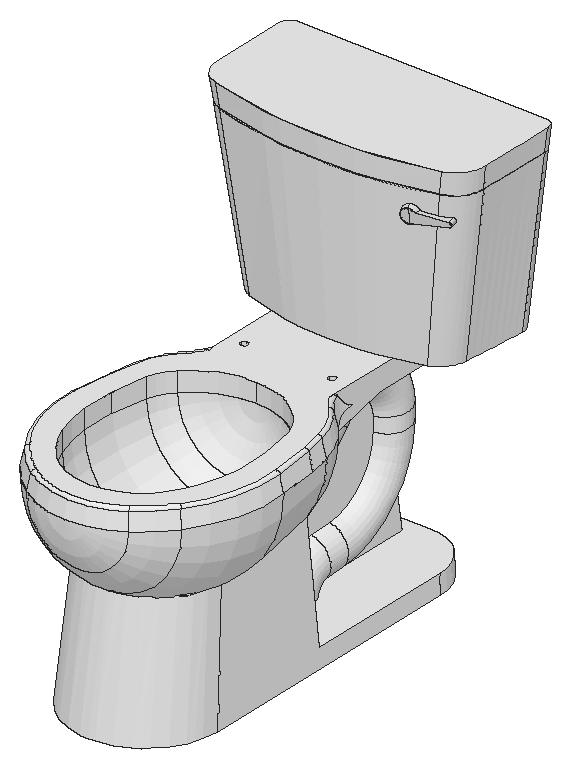
Revit family "Plumbing-Pressure-Assist-Water-Closet-Sloan-Valve-WETS-80098118z", category Plumbing Fixtures, host Face, Revit 2021 (continued)
Automatic sketch dimensions
  Extrusion 14 sketch curve to Extrusion 14 sketch curve = 1.66402"
  Extrusion 14 sketch curve to Extrusion 14 sketch curve = 3.26432"
  Extrusion 14 sketch curve to Extrusion 14 sketch curve = 13.39952"
  Extrusion 14 sketch curve to Extrusion 14 sketch curve = 2.22418"  (x2)
  Extrusion 14 sketch curve to Extrusion 14 sketch curve = 0.38996"  (x2)
  Extrusion 14 sketch curve to Extrusion 14 sketch curve = 3.913"
  Extrusion 14 sketch curve to Extrusion 14 sketch curve = 3.98247"
  Extrusion 14 sketch curve to Extrusion 14 sketch curve = 0.39147"  (x2)
  Extrusion 14 sketch curve to Extrusion 14 sketch curve = 2.49844"
  Extrusion 14 sketch curve to Extrusion 14 sketch curve = 4.55398"
  Extrusion 14 sketch curve to Extrusion 14 sketch curve = 0.28975"  (x2)
  plane 7 to Extrusion 15 sketch curve = 15 3/4"
  Extrusion 15 sketch curve to Extrusion 15 sketch curve = 0.92653"
  Extrusion 15 sketch curve to plane 7 = 0.34835"
  Extrusion 15 sketch curve to Extrusion 15 sketch curve = 13 1/4"
  plane 7 to Revolve 16 sketch curve = 18.41431"
  Revolve 16 sketch curve to Revolve 16 sketch curve = 1.21427"
  Revolve 16 sketch curve to Revolve 16 sketch curve = 3.141"
  Revolve 16 sketch curve to Revolve 16 sketch curve = 0.55817"
  Revolve 16 sketch curve to Revolve 16 sketch curve = 4.78572"
  Revolve 16 sketch curve to Revolve 16 sketch curve = 1.12242"
  Revolve 16 sketch curve to Revolve 16 sketch curve = 1.54616"
  Revolve 16 sketch curve to Revolve 16 sketch curve = 1.91616"
  Revolve 16 sketch curve to Revolve 16 sketch curve = 0.22012"
  Revolve 16 sketch curve to Revolve 16 sketch curve = 2.15467"
  Revolve 16 sketch curve to Revolve 16 sketch curve = 4.85057"
  Revolve 16 sketch curve to Revolve 16 sketch curve = 4.53114"
  Revolve 16 sketch curve to Revolve 16 sketch curve = 0"  (x5)
  Revolve 16 sketch curve to Revolve 16 sketch curve = 2.34667"
  Revolve 16 sketch curve to Revolve 16 sketch curve = 1/2"
  Extrusion 17 sketch curve to Extrusion 17 sketch curve = 0"  (x12)
  plane 7 to Extrusion 17 sketch curve = 0"
  plane 7 to Extrusion 17 sketch curve = 6 1/128"  (x2)
  Extrusion 17 sketch curve to Extrusion 17 sketch curve = 1/4"
  Extrusion 17 sketch curve to Extrusion 17 sketch curve = 1/2"
  Extrusion 17 sketch curve to Extrusion 17 sketch curve = 1 3/4"  (x2)
  Extrusion 17 sketch curve to Extrusion 17 sketch curve = 8 3/8"
  Extrusion 17 sketch curve to Extrusion 17 sketch curve = 14 1/4"
  Extrusion 17 sketch curve to Extrusion 17 sketch curve = 1 1/4"
  Extrusion 17 sketch curve to plane 7 = 19.0791"
  plane 7 to Extrusion 18 sketch curve = 11 3/8"
  Extrusion 18 sketch curve to Extrusion 18 sketch curve = 6"
  Extrusion 18 sketch curve to Extrusion 18 sketch curve = 0"
  plane 11 to Blend 19 sketch curve = 23 1/2"
  Blend 19 sketch curve to Blend 19 sketch curve = 3 1/2"  (x2)
  Blend 19 sketch curve to Blend 19 sketch curve = 4 7/8"
  Blend 19 sketch curve to Blend 19 sketch curve = 2 3/4"
  plane 11 to Blend 19 sketch curve = 4 67/128"
  plane 11 to Blend 19 sketch curve = 22.25397"
  plane 11 to Blend 19 sketch curve = 1 3/128"
  Blend 19 sketch curve to Blend 19 sketch curve = 4 5/16"
  Blend 19 sketch curve to Blend 19 sketch curve = 1 5/8"
  plane 11 to Extrusion 20 sketch curve = 13.77953"
  Extrusion 20 sketch curve to Extrusion 20 sketch curve = 5.00662"
  Extrusion 20 sketch curve to Extrusion 20 sketch curve = 1.37144"
  Extrusion 20 sketch curve to Extrusion 20 sketch curve = 0.83072"
  plane 11 to Extrusion 20 sketch curve = 2.01421"
  plane 11 to Extrusion 20 sketch curve = 1.80632"
  Extrusion 20 sketch curve to Extrusion 20 sketch curve = 1.24829"
  Extrusion 20 sketch curve to Extrusion 20 sketch curve = 2.7937"
  plane 11 to Sweep 21 sketch curve = 16.44118"
  plane 11 to Sweep 21 sketch curve = 11 1/4"
  Sweep 21 sketch curve to Sweep 21 sketch curve = 1.57944"
  Sweep 21 sketch curve to Sweep 21 sketch curve = 1.66667"
  Sweep 21 sketch curve to Sweep 21 sketch curve = 1.22254"
  Sweep 21 sketch curve to Sweep 21 sketch curve = 1.50376"
  Sweep 21 sketch curve to Sweep 21 sketch curve = 2.37343"
  Sweep 21 sketch curve to Sweep 21 sketch curve = 3"
  Sweep 21 sketch curve to Sweep 21 sketch curve = 0.23912"
  Sweep 21 sketch curve to Sweep 21 sketch curve = 0.07881"
  Sweep 21 sketch curve to Sweep 21 sketch curve = 2.19457"
  Sweep 21 sketch curve to Sweep 21 sketch curve = 1.02691"
  Sweep 21 sketch curve to Sweep 21 sketch curve = 6.01869"
  Sweep 21 sketch curve to Sweep 21 sketch curve = 5.81653"
  Sweep 21 sketch curve to Sweep 21 sketch curve = 0.44425"
  Sweep 21 sketch curve to Sweep 21 sketch curve = 0"
  Sweep 21 sketch curve to Sweep 21 sketch curve = 1.19248"
  Sweep 21 sketch curve to profile plane = 0"  (x2)
  plane 11 to Extrusion 22 sketch curve = 25.07129"
  Extrusion 22 sketch curve to Extrusion 22 sketch curve = 6.25633"
  Extrusion 22 sketch curve to Extrusion 22 sketch curve = 0.50463"
  Extrusion 22 sketch curve to Extrusion 22 sketch curve = 7.2727"
  Extrusion 22 sketch curve to Extrusion 22 sketch curve = 1.99428"
  Extrusion 22 sketch curve to Extrusion 22 sketch curve = 1.03117"
  plane 11 to Extrusion 22 sketch curve = 2.02153"
  plane 11 to Extrusion 22 sketch curve = 1.93503"
  Extrusion 22 sketch curve to plane 11 = 12.09356"
  Extrusion 22 sketch curve to Extrusion 22 sketch curve = 3.6955"
  Extrusion 22 sketch curve to Extrusion 22 sketch curve = 5.768"
  Extrusion 22 sketch curve to Extrusion 22 sketch curve = 4 19/256"
  Extrusion 22 sketch curve to Extrusion 22 sketch curve = 4.71404"
  Extrusion 22 sketch curve to Extrusion 22 sketch curve = 3.46658"
  Extrusion 22 sketch curve to Extrusion 22 sketch curve = 0.2571"
  Extrusion 22 sketch curve to Extrusion 22 sketch curve = 0"
  plane 8 to Blend 23 sketch curve = 0.21467"
  plane 8 to Blend 23 sketch curve = 0.58558"
  plane 11 to Blend 23 sketch curve = 5/16"
  plane 8 to Blend 23 sketch curve = 0.96182"
  Blend 23 sketch curve to Blend 23 sketch curve = 1.99239"
  plane 8 to Blend 23 sketch curve = 7 15/16"
  plane 9 to Blend 23 sketch curve = 2.57797"
  plane 9 to Blend 23 sketch curve = 0.96182"
  plane 9 to Blend 23 sketch curve = 0.58558"
  plane 9 to Blend 23 sketch curve = 0.21467"
  Blend 23 sketch curve to Blend 23 sketch curve = 3/4"  (x2)
  Blend 23 sketch curve to Blend 23 sketch curve = 4.13053"  (x2)
  Blend 23 sketch curve to Blend 23 sketch curve = 0.17431"  (x2)
  Blend 23 sketch curve to plane 11 = 9.28691"
  Blend 23 sketch curve to Blend 23 sketch curve = 0"  (x2)
  plane 11 to Blend 23 sketch curve = 0"
  plane 11 to Blend 23 sketch curve = 6 1/128"  (x2)
  plane 11 to Blend 23 sketch curve = 3/4"  (x2)
  Blend 23 sketch curve to Blend 23 sketch curve = 2"
  Blend 23 sketch curve to Blend 23 sketch curve = 8 3/8"
  Blend 23 sketch curve to Blend 23 sketch curve = 14 1/4"
  Blend 23 sketch curve to Blend 23 sketch curve = 1 1/4"
  Blend 23 sketch curve to plane 11 = 19.0791"
  plane 11 to Revolve 24 sketch curve = 18.41431"
  Revolve 24 sketch curve to Revolve 24 sketch curve = 0.38226"
  Revolve 24 sketch curve to Revolve 24 sketch curve = 213/256"
  Revolve 24 sketch curve to Revolve 24 sketch curve = 0"  (x10)
  Revolve 24 sketch curve to Revolve 24 sketch curve = 1.55117"
  Revolve 24 sketch curve to Revolve 24 sketch curve = 0.52667"
  Revolve 24 sketch curve to Revolve 24 sketch curve = 1.06316"
  Revolve 24 sketch curve to Revolve 24 sketch curve = 0.55817"
  Revolve 24 sketch curve to Revolve 24 sketch curve = 4.78572"
  Revolve 24 sketch curve to Revolve 24 sketch curve = 17.76248"
  Revolve 24 sketch curve to Revolve 24 sketch curve = 1.12242"
  Revolve 24 sketch curve to Revolve 24 sketch curve = 1.54616"
  Revolve 24 sketch curve to Revolve 24 sketch curve = 1.91616"
  Revolve 24 sketch curve to Revolve 24 sketch curve = 0.22012"
  Revolve 24 sketch curve to Revolve 24 sketch curve = 0.002"
  Revolve 24 sketch curve to Revolve 24 sketch curve = 0.38996"
  Revolve 24 sketch curve to Revolve 24 sketch curve = 2.4971"
  Revolve 24 sketch curve to Revolve 24 sketch curve = 1.76271"
  Revolve 24 sketch curve to Revolve 24 sketch curve = 0.46147"
  Revolve 24 sketch curve to Revolve 24 sketch curve = 1.76813"
  Revolve 24 sketch curve to Revolve 24 sketch curve = 2.37097"
  Revolve 24 sketch curve to Revolve 24 sketch curve = 1.94676"
  Revolve 24 sketch curve to Revolve 24 sketch curve = 0.65231"
  Revolve 24 sketch curve to Revolve 24 sketch curve = 3.62883"
  Revolve 24 sketch curve to Revolve 24 sketch curve = 2.41279"
  Revolve 24 sketch curve to Revolve 24 sketch curve = 0.18389"
  Revolve 24 sketch curve to Revolve 24 sketch curve = 1/2"
  Extrusion 25 sketch curve to Extrusion 25 sketch curve = 0.67182"
  Extrusion 25 sketch curve to Extrusion 25 sketch curve = 1.77234"
  Extrusion 25 sketch curve to Extrusion 25 sketch curve = 1.545"  (x2)
  Extrusion 25 sketch curve to Extrusion 25 sketch curve = 93/128"
  Extrusion 25 sketch curve to Extrusion 25 sketch curve = 0.40828"
  Extrusion 25 sketch curve to Extrusion 25 sketch curve = 2.54228"
  Extrusion 25 sketch curve to Extrusion 25 sketch curve = 2.74948"
  Blend 26 sketch curve to Blend 26 sketch curve = 0.99706"
  Blend 26 sketch curve to Blend 26 sketch curve = 0.24541"
  Blend 26 sketch curve to Blend 26 sketch curve = 1 13/16"
  Blend 26 sketch curve to Blend 26 sketch curve = 0.37271"
  Blend 27 sketch curve to Blend 27 sketch curve = 1 13/16"  (x2)
  Blend 27 sketch curve to Blend 27 sketch curve = 0.37271"
  Blend 27 sketch curve to Blend 27 sketch curve = 1.15396"
  plane 11 to Sweep 28 sketch curve = 26.57715"
  Sweep 28 sketch curve to Sweep 28 sketch curve = 9.12902"
  Sweep 28 sketch curve to Sweep 28 sketch curve = 0.84594"
  Sweep 28 sketch curve to Sweep 28 sketch curve = 3.46596"
  Sweep 28 sketch curve to Sweep 28 sketch curve = 1.9345"
  Sweep 28 sketch curve to Sweep 28 sketch curve = 0.18533"
  Sweep 28 sketch curve to Sweep 28 sketch curve = 1.3913"
  Sweep 28 sketch curve to Sweep 28 sketch curve = 1.1687"
  Sweep 28 sketch curve to Sweep 28 sketch curve = 3.42714"
  Sweep 28 sketch curve to Sweep 28 sketch curve = 1.86098"
  Sweep 28 sketch curve to Sweep 28 sketch curve = 1.34254"
  Sweep 28 sketch curve to Sweep 28 sketch curve = 1.96082"
  Sweep 28 sketch curve to Sweep 28 sketch curve = 0"  (x3)
  Sweep 28 sketch curve to Sweep 28 sketch curve = 2.59819"
  Sweep 28 sketch curve to profile plane = 0"
  Sweep 28 sketch curve to profile plane = 0.99706"  (x2)
  Sweep 29 sketch curve to Sweep 29 sketch curve = 0"  (x10)
  Sweep 29 sketch curve to plane 10 = 0"  (x4)
  plane 10 to Sweep 29 sketch curve = 5.70094"  (x2)
  plane 11 to Sweep 29 sketch curve = 10.88962"
  Sweep 29 sketch curve to Sweep 29 sketch curve = 18.15103"  (x2)
  Sweep 29 sketch curve to Sweep 29 sketch curve = 4"  (x2)
  Sweep 29 sketch curve to Sweep 29 sketch curve = 2.01849"
  Sweep 29 sketch curve to Sweep 29 sketch curve = 0.52667"  (x2)
  Sweep 29 sketch curve to Sweep 29 sketch curve = 1.24583"
  Sweep 29 sketch curve to Sweep 29 sketch curve = 1.55117"  (x2)
  Sweep 29 sketch curve to Sweep 29 sketch curve = 1.66402"
  Sweep 29 sketch curve to Sweep 29 sketch curve = 3.26432"
  plane 10 to Sweep 29 sketch curve = 4.99179"
  Sweep 29 sketch curve to Sweep 29 sketch curve = 2.22418"
  Sweep 29 sketch curve to Sweep 29 sketch curve = 0.38996"  (x2)
  Sweep 29 sketch curve to Sweep 29 sketch curve = 3.913"
  Sweep 29 sketch curve to Sweep 29 sketch curve = 6.87238"
  Sweep 29 sketch curve to Sweep 29 sketch curve = 5.26793"
  Sweep 29 sketch curve to Sweep 29 sketch curve = 0.29604"  (x2)
  Sweep 29 sketch curve to Sweep 29 sketch curve = 4.31887"  (x2)
  Sweep 29 sketch curve to profile plane = 0"
  Sweep 29 sketch curve to profile plane = 0.25828"
  Sweep 29 sketch curve to Sweep 29 sketch curve = 0.24359"
  Sweep 29 sketch curve to profile plane = 0.71616"
  profile plane to Sweep 29 sketch curve = 14 3/16"
  Sweep 29 sketch curve to Sweep 29 sketch curve = 1 1/16"
  Sweep 29 sketch curve to Sweep 29 sketch curve = 0.05624"
  Extrusion 30 sketch curve to Extrusion 30 sketch curve = 0"  (x18)
  plane 11 to Extrusion 30 sketch curve = 21.08289"
  Extrusion 30 sketch curve to Extrusion 30 sketch curve = 4.78572"  (x2)
  Extrusion 30 sketch curve to Extrusion 30 sketch curve = 0.55817"  (x2)
  Extrusion 30 sketch curve to Extrusion 30 sketch curve = 1.92673"  (x2)
  Extrusion 30 sketch curve to Extrusion 30 sketch curve = 3.141"
  Extrusion 30 sketch curve to Extrusion 30 sketch curve = 1.21427"  (x2)
  Extrusion 30 sketch curve to Extrusion 30 sketch curve = 0.37"  (x2)
  Extrusion 30 sketch curve to Extrusion 30 sketch curve = 0.22012"  (x2)
  Extrusion 30 sketch curve to Extrusion 30 sketch curve = 2.15467"
  Extrusion 30 sketch curve to Extrusion 30 sketch curve = 2.13627"
  Extrusion 30 sketch curve to Extrusion 30 sketch curve = 1.12242"  (x2)
  Extrusion 30 sketch curve to Extrusion 30 sketch curve = 1.58443"
  Extrusion 30 sketch curve to Extrusion 30 sketch curve = 1.57431"  (x2)
  Extrusion 31 sketch curve to Extrusion 31 sketch curve = 0"  (x13)
  plane 11 to Extrusion 31 sketch curve = 23.57999"  (x2)
  plane 11 to Extrusion 31 sketch curve = 10.88962"
  Extrusion 31 sketch curve to Extrusion 31 sketch curve = 18.15103"  (x2)
  Extrusion 31 sketch curve to Extrusion 31 sketch curve = 4"  (x2)
  Extrusion 31 sketch curve to Extrusion 31 sketch curve = 2.01849"
  Extrusion 31 sketch curve to Extrusion 31 sketch curve = 0.52667"  (x2)
  Extrusion 31 sketch curve to Extrusion 31 sketch curve = 1.24583"
  Extrusion 31 sketch curve to Extrusion 31 sketch curve = 1.55117"  (x2)
  Extrusion 31 sketch curve to Extrusion 31 sketch curve = 1.66402"
  Extrusion 31 sketch curve to Extrusion 31 sketch curve = 3.26432"
  Extrusion 31 sketch curve to Extrusion 31 sketch curve = 13.39952"
  Extrusion 31 sketch curve to Extrusion 31 sketch curve = 2.22418"  (x2)
  Extrusion 31 sketch curve to Extrusion 31 sketch curve = 0.38996"  (x2)
  Extrusion 31 sketch curve to Extrusion 31 sketch curve = 3.913"
  Extrusion 31 sketch curve to Extrusion 31 sketch curve = 3.98247"
  Extrusion 31 sketch curve to Extrusion 31 sketch curve = 0.39147"  (x2)
  Extrusion 31 sketch curve to Extrusion 31 sketch curve = 2.49844"
  Extrusion 31 sketch curve to Extrusion 31 sketch curve = 4.55398"
  Extrusion 31 sketch curve to Extrusion 31 sketch curve = 0.28975"  (x2)
  plane 11 to Extrusion 32 sketch curve = 15 3/4"
  Extrusion 32 sketch curve to Extrusion 32 sketch curve = 0.92653"
  Extrusion 32 sketch curve to plane 11 = 0.34835"
  Extrusion 32 sketch curve to Extrusion 32 sketch curve = 13 1/4"
  plane 11 to Revolve 33 sketch curve = 18.41431"
  Revolve 33 sketch curve to Revolve 33 sketch curve = 1.21427"
  Revolve 33 sketch curve to Revolve 33 sketch curve = 3.141"
  Revolve 33 sketch curve to Revolve 33 sketch curve = 0.55817"
  Revolve 33 sketch curve to Revolve 33 sketch curve = 4.78572"
  Revolve 33 sketch curve to Revolve 33 sketch curve = 1.12242"
  Revolve 33 sketch curve to Revolve 33 sketch curve = 1.54616"
  Revolve 33 sketch curve to Revolve 33 sketch curve = 1.91616"
  Revolve 33 sketch curve to Revolve 33 sketch curve = 0.22012"
  Revolve 33 sketch curve to Revolve 33 sketch curve = 2.15467"
  Revolve 33 sketch curve to Revolve 33 sketch curve = 4.85057"
  Revolve 33 sketch curve to Revolve 33 sketch curve = 4.53114"
  Revolve 33 sketch curve to Revolve 33 sketch curve = 0"  (x5)
  Revolve 33 sketch curve to Revolve 33 sketch curve = 2.34667"
  Revolve 33 sketch curve to Revolve 33 sketch curve = 1/2"
  Extrusion 34 sketch curve to Extrusion 34 sketch curve = 0"  (x12)
  plane 11 to Extrusion 34 sketch curve = 0"
  plane 11 to Extrusion 34 sketch curve = 6 1/128"  (x2)
  Extrusion 34 sketch curve to Extrusion 34 sketch curve = 1/4"
  Extrusion 34 sketch curve to Extrusion 34 sketch curve = 1/2"
  Extrusion 34 sketch curve to Extrusion 34 sketch curve = 1 3/4"  (x2)
  Extrusion 34 sketch curve to Extrusion 34 sketch curve = 8 3/8"
  Extrusion 34 sketch curve to Extrusion 34 sketch curve = 14 1/4"
  Extrusion 34 sketch curve to Extrusion 34 sketch curve = 1 1/4"
  Extrusion 34 sketch curve to plane 11 = 19.0791"
  plane 11 to Extrusion 35 sketch curve = 11 3/8"
  Extrusion 35 sketch curve to Extrusion 35 sketch curve = 6"
  Extrusion 35 sketch curve to Extrusion 35 sketch curve = 0"
  Extrusion 36 sketch curve to Extrusion 36 sketch curve = 2.41998"
  Extrusion 36 sketch curve to Extrusion 36 sketch curve = 0.01099"
  Extrusion 36 sketch curve to Extrusion 36 sketch curve = 0.0192"
  Extrusion 36 sketch curve to Extrusion 36 sketch curve = 0.29949"
  Extrusion 36 sketch curve to Extrusion 36 sketch curve = 0.15636"
  Extrusion 36 sketch curve to Extrusion 36 sketch curve = 0.78299"
  Revolve 37 sketch curve to Revolve 37 sketch curve = 0.48262"
  Revolve 37 sketch curve to Revolve 37 sketch curve = 1/2"
  Revolve 37 sketch curve to Revolve 37 sketch curve = 0.15681"
  Revolve 37 sketch curve to Revolve 37 sketch curve = 0.02676"
  Revolve 37 sketch curve to Revolve 37 sketch curve = 0.66246"
  Revolve 37 sketch curve to Revolve 37 sketch curve = 0"  (x2)
  Revolve 37 sketch curve to Revolve 37 sketch curve = 0.11261"
  radius of Sweep 3 sketch curve = 1 1/2"
  radius of Extrusion 18 sketch curve = 1/4"  (x2)
  radius of Sweep 21 sketch curve = 1 1/2"
  radius of Extrusion 35 sketch curve = 1/4"  (x2)
Connectors
  piping at (-152.4, 0, 254), diameter 12.7, driven by "CWFU", driven by "Cold Water Connection Diameter", driven by "Cold Water Connector Description", driven by "Valve Pressure Drop"
    settings: on Extrusion 5, index 3, connector inside diameter 1/2", connector length 0", flow factor 0, pipe flow 0 GPM, pressure drop 0.00 psi, fitting loss kfactor 0, connector angle 0.00°, fixture units 10, engagement length 0", angle of deflection 0.00°, flow configuration 3, flow direction 1, fitting loss method 4, system type 20, joint type 0, gender type 0, connector reference index -1, connector utility 0, adjustable connector no, is connector primary yes, connector description "Cold Water Connector d1/2\""
  piping at (0, -304.8, 0), diameter 53.975, driven by "Sanitary Drain Connection Diameter", driven by "Sanitary Drain Connector Description", driven by "WFU"
    settings: on Sweep 3, index 4, connector inside diameter 24", connector length 0", flow factor 0, pipe flow 0 GPM, pressure drop 0.00 psi, fitting loss kfactor 0, connector angle 0.00°, fixture units 10, engagement length 0", angle of deflection 0.00°, flow configuration 3, flow direction 2, fitting loss method 0, system type 16, joint type 0, gender type 0, connector reference index -1, connector utility 0, adjustable connector no, is connector primary no, connector description "Sanitary Drain Connector d2 1/8\""
Types (3): name | Water Closet Code | Product Material | Part Number | Model | Description
  (no name) | "2178009" | Sloan Valve - Vitreous China - SloanTec Glaze White | "WETS-8009.8118-STG" | "WETS-8009.8118-STG" | "Floor-Mounted 0.75 gpf (2.84 Lpf) 12\" Rough-in Pressure-Assisted/Tank Toilet with SloanTec® Glaze."
  WETS-8009.8118 | "2108009" | Sloan Valve - Vitreous China - White | "8009.8118" | "WETS-8009.8118" | "Floor-Mounted 0.75 gpf (2.84 Lpf) 12\" Rough-in Pressure-Assisted/Tank Toilet."
  WETS-8009.8118-STG | "2178009" | Sloan Valve - Vitreous China - SloanTec Glaze White | "WETS-8009.8118-STG" | "WETS-8009.8118-STG" | "Floor-Mounted 0.75 gpf (2.84 Lpf) 12\" Rough-in Pressure-Assisted/Tank Toilet with SloanTec® Glaze."
